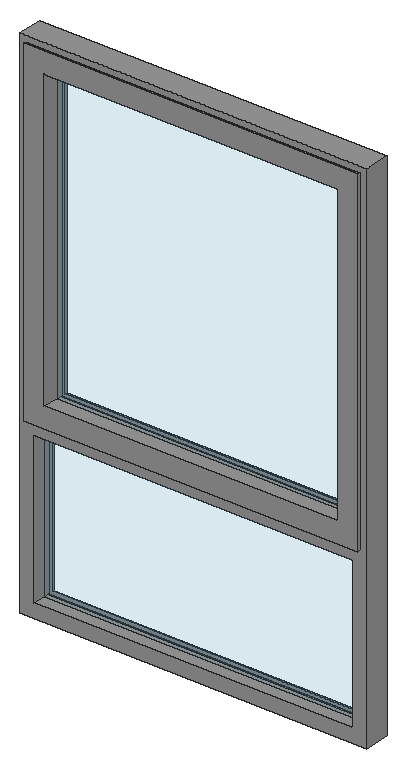
Revit family "Kawneer_Window_GT70s_Pos002", category Windows, host Wall, Revit 2020 (continued)
Definition of nested family "Kawneer_GT70s_Pos002"
  Definition of nested family "Kawneer_GT70s_JambFixed"
    Lines and regions (mm)
      model lines, in view "Ref. Level", detail levels fine
        curve 483: line (-34.827, -69.274, 0) -> (-34.408, -70, 0)
        curve 484: line (-34.235, -70.1, 0) -> (-33.67, -70.1, 0)
        curve 485: line (-33.506, -70.015, 0) -> (-33.086, -69.415, 0)
        curve 486: line (-31.211, -67.817, 0) -> (-30.835, -65.217, 0)
        curve 487: line (-31.034, -65, 0) -> (-32.747, -65, 0)
        curve 488: line (-32.94, -65.148, 0) -> (-33.101, -65.752, 0)
        curve 489: line (-33.101, -65.752, 0) -> (-31.164, -67.495, 0)
        curve 490: line (-33.295, -65.9, 0) -> (-36.706, -65.9, 0)
        curve 491: line (-38.836, -67.495, 0) -> (-36.899, -65.752, 0)
        curve 492: line (-36.899, -65.752, 0) -> (-37.06, -65.148, 0)
        curve 493: line (-37.253, -65, 0) -> (-38.966, -65, 0)
        curve 494: line (-39.165, -65.217, 0) -> (-38.789, -67.817, 0)
        curve 495: line (-32.098, -65, 0) -> (-36.749, -69.651, 0)
        curve 496: line (-35.119, -65.9, 0) -> (-37.219, -68, 0)
        curve 497: line (-38.462, -65, 0) -> (-39.104, -65.642, 0)
        curve 498: line (-37.902, -65, 0) -> (-33.251, -69.651, 0)
        curve 499: line (-34.881, -65.9, 0) -> (-32.781, -68, 0)
        curve 500: line (-31.538, -65, 0) -> (-30.896, -65.642, 0)
        curve 501: line (-29.902, -35.614, 0) -> (-31.105, -36.903, 0)
        curve 502: line (-31.202, -34.735, 0) -> (-32.754, -36.398, 0)
        curve 503: line (-32.175, -33.504, 0) -> (-34.144, -35.614, 0)
        curve 504: line (-32.874, -31.98, 0) -> (-35.5, -34.793, 0)
        curve 505: line (-32.789, -32.183, 0) -> (-34.052, -30.97, 0)
        curve 506: line (-34.052, -30.97, 0) -> (-39.68, -37, 0)
        curve 507: line (-40.175, -35.257, 0) -> (-41.828, -37.028, 0)
        curve 508: line (-42.851, -35.851, 0) -> (-43.015, -36.027, 0)
        curve 509: line (-39.102, -29.562, 0) -> (-41.061, -31.661, 0)
        curve 510: line (-42.222, -35.714, 0) -> (-40.995, -37.028, 0)
        curve 511: line (-41.556, -34.155, 0) -> (-40.571, -35.209, 0)
        curve 512: line (-40.571, -35.209, 0) -> (-39.014, -36.878, 0)
        curve 513: line (-41.148, -32.319, 0) -> (-39.527, -34.055, 0)
        curve 514: line (-38.925, -34.701, 0) -> (-37.601, -36.119, 0)
        curve 515: line (-40.798, -30.421, 0) -> (-36.513, -35.012, 0)
        curve 516: line (-40.172, -28.819, 0) -> (-39.132, -29.933, 0)
        curve 517: line (-38.11, -31.028, 0) -> (-33.39, -36.085, 0)
        curve 518: line (-29.366, -35.851, 0) -> (-29.202, -36.027, 0)
      detail lines, in view "Ref. Level", detail levels coarse+medium
        curve 519: line (-39, -37, 0) -> (-39, 0, 0)
        curve 520: line (-39, 0, 0) -> (0, 0, 0)
        curve 521: line (0, 0, 0) -> (0, -72, 0)
        curve 522: line (0, -72, 0) -> (-39, -72, 0)
        curve 523: line (-39, -72, 0) -> (-39, -65, 0)
        curve 524: line (-39, -65, 0) -> (-29, -65, 0)
        curve 525: line (-29, -65, 0) -> (-29, -37, 0)
        curve 526: line (-29, -37, 0) -> (-39, -37, 0)
